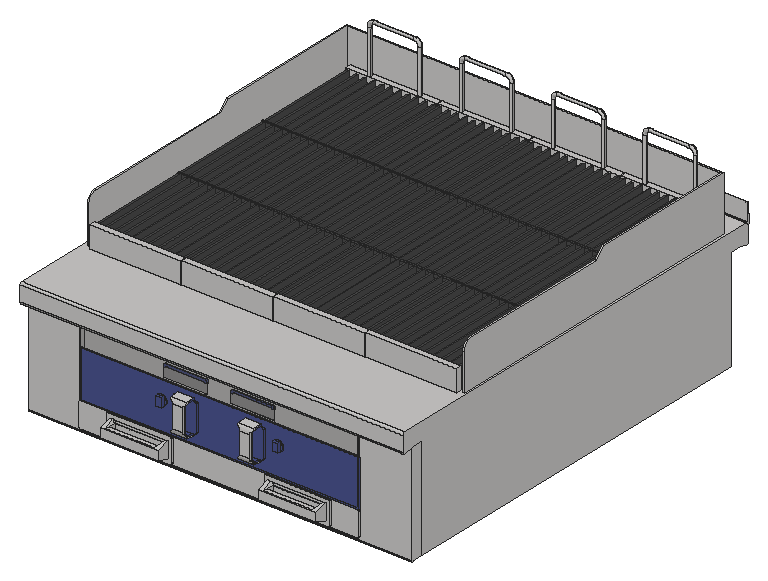
Revit family "QF_ELECTROLUXPROFESSIONAL_589281_MCDBABHOPO", category Specialty Equipment, Revit 2018
Family settings
  Round Connector Dimension = Use Diameter
  Part Type = Normal
  Work Plane-Based = No
  Always vertical = Yes
  Cut with Voids When Loaded = No
  Shared = No
  Room Calculation Point = No
Parameters
  Weight in Pounds = 253.5
  Watts = 0 W
  URL Cutsheet = ""
  Type Mark [instance] = ""
  Specification by User [instance] = ""
  Specification by Manufacturer = ""
  Show Clearance [instance] = yes
  Serial Number = ""
  Seismic Rating = ""
  SMACNA No = ""
  Revision Code [instance] = ""
  Omniclass Number and Title = ""
  NAFEM Spec ID Number = ""
  Model = "589281"
  Mechanical Remarks = ""
  Mechanical Connection Type = ""
  Masterspec = ""
  Manufacturer = "ELECTROLUX"
  Item Number [instance] = ""
  Installed By [instance] = ""
  Identify Quantity as Lot [instance] = yes
  HP = "0 HP"
  Gas Size = 3/4"
  Gas RI Height [instance] = 0 mm
  Gas KW = 21
  Gas Input [instance] = 71589.0 Btu/h
  Gas Connection Height = 0 mm
  Furnished By [instance] = ""
  Foodservice Equipment Identifier [instance] = yes
  Direct Waste Size = 0"
  Description = "GAS CHARGRILL,1SIDE,BACKSPL,800X900X250H"
  CSI MasterFormat = ""
  CSI Master Format = ""
Reference planes
  plane 1 "BACK": y = 0
  plane 2: z = 0
  plane 3 "LEFT": x = 0
  plane 4 "RIGHT": x = 800
  plane 5 "FRONT": y = -900
  plane 6 "TOP": z = 250
  plane 7: x = 400
  plane 8: y = -450
  plane 9: y = -1330
Forms (mm)
  Extrusion 1, solid, material "QF_Finishes_Stainless Steel"
    sketch origin (0, -487.128, 0) x (0, 1, 0) y (0, 0, 1)
      loop
        line (483.128, 250) -> (-408.872, 250)
        arc (-408.872, 250) -> (-411.7, 248.828) -> (-412.872, 246) r 4
        line (-412.872, 246) -> (-412.872, 214)
        arc (-412.872, 214) -> (-411.443, 210.936) -> (-408.177, 210.061) r 4
        line (-408.177, 210.061) -> (-391.509, 213) -> (-366.872, 213) -> (-366.872, 0) -> (441.128, 0) -> (441.128, 213) -> (465.765, 213) -> (482.433, 210.061)
        arc (482.433, 210.061) -> (485.699, 210.936) -> (487.128, 214) r 4
        line (487.128, 214) -> (487.128, 246)
        arc (487.128, 246) -> (485.956, 248.828) -> (483.128, 250) r 4
    from 0 to 800
  Extrusion 2, solid, material "QF_Finishes_Stainless Steel"
    sketch origin (0, -854, 0) x (1, 0, 0) y (0, -1, 0)
      loop
        circle (760, -264) r 6.35
    from 0 to 3.2
  Extrusion 3, solid, material "QF_Clearances", visible <- "Show Clearance", detail levels coarse
    sketch origin (-178.969, -4572, 0) x (-1, 0, 0) y (0, -1, 0)
      loop
        line (-26.969, -3672) -> (-178.969, -3672) -> (-178.969, -4572) -> (-978.969, -4572) -> (-978.969, -3672) -> (-1130.969, -3672) -> (-1130.969, -4775) -> (-26.969, -4775) -> (-26.969, -3672)
    from 0 to 250
  Extrusion 4, solid, material "QF_Finishes_Stainless Steel"
    sketch origin (0, -950.048, 294.179) x (0, -1, 0) y (0, 0, -1)
      loop
        arc (-948.097, 42.179) -> (-947.511, 43.594) -> (-946.097, 44.179) r 2
        arc (-946.097, 44.179) -> (-948.877, 45.357) -> (-950.048, 48.185) r 4
        line (-950.048, 48.185) -> (-950.048, 6.179) -> (-948.097, 6.179) -> (-948.097, 42.179)
    from 0 to 800
  Extrusion 5, solid, material "QF_Door-Drawer Clearances", visible <- "Show Clearance", detail levels coarse
    sketch origin (437.31, -881.593, 8.62) x (0, 0, 1) y (-1, 0, 0)
      loop
        line (1.973, -254.69) -> (49.317, -254.69)
        arc (49.317, -254.69) -> (50.776, -254.086) -> (51.38, -252.627) r 2.063
        line (51.38, -252.627) -> (51.38, 326.457)
        arc (51.38, 326.457) -> (50.88, 328.154) -> (49.541, 329.31) r 3.133
        line (49.541, 329.31) -> (3.067, 329.31)
        arc (3.067, 329.31) -> (0.898, 328.412) -> (0, 326.243) r 3.067
        line (0, 326.243) -> (0, -252.717)
        arc (0, -252.717) -> (0.578, -254.112) -> (1.973, -254.69) r 1.973
    from 0 to 448.407
Lines and regions (mm)
  symbolic lines
    curve 1: line (0, 0, 0) -> (800, 0, 0)
    curve 2: line (0, -900, 0) -> (0, 0, 0)
    curve 3: line (800, -900, 0) -> (0, -900, 0)
    curve 4: line (800, 0, 0) -> (800, -900, 0)
  symbolic lines, style "QF_Clearances", visible <- "Show Clearance", detail levels coarse
    curve 5: line (-152, 203, 0) -> (-152, -900, 0)
    curve 6: line (952, 203, 0) -> (-152, 203, 0)
    curve 7: line (952, -900, 0) -> (952, 203, 0)
  symbolic lines, style "SpecialityEquipment"
    curve 8: line (0, -1.951, 0) -> (800, -1.951, 0)
  symbolic lines, style "QF_Door-Drawer Clearances"
    curve 9: line (108, -900, 0) -> (108, -1330, 0)
    curve 10: line (108, -1330, 0) -> (692, -1330, 0)
    curve 11: line (692, -1330, 0) -> (692, -900, 0)
Dimensions and locks
  plane 3 "LEFT" to plane 4 "RIGHT" = 800 mm
  plane 5 "FRONT" to plane 1 "BACK" = 900 mm
  equal spacing: plane 3 "LEFT", plane 7, plane 4 "RIGHT"
  equal spacing: plane 5 "FRONT", plane 8, plane 1 "BACK"
  plane 6 "TOP" to level = 250 mm  (x2)
  plane 1 "BACK" to plane 5 "FRONT" = 900 mm
  Extrusion 2 sketch curve to plane 1 "BACK" = 590 mm
  Extrusion 2 sketch curve to plane 4 "RIGHT" = 40 mm
  Extrusion 3 to plane 3 "LEFT" = 152 mm
  locked: plane 4 "RIGHT" to Extrusion 3 at 152
  plane 1 "BACK" to Extrusion 3 = 203 mm
  plane 5 "FRONT" to plane 9 = 430 mm
  aligned and locked: level to plane 2
  aligned and locked: plane 6 "TOP" to Extrusion 3
  aligned and locked: Extrusion 1 to plane 4 "RIGHT"
  aligned and locked: plane 7 to nested 1
Automatic sketch dimensions
  Extrusion 1 sketch curve to plane 5 "FRONT" = 0 mm
  Extrusion 1 sketch curve to plane 6 "TOP" = 0 mm
  Extrusion 1 sketch curve to level = 0 mm
  Extrusion 1 sketch curve to plane 1 "BACK" = 0 mm
  Extrusion 1 sketch curve to plane 6 "TOP" = 37 mm  (x2)
  Extrusion 1 sketch curve to plane 5 "FRONT" = 4 mm
  Extrusion 1 sketch curve to plane 5 "FRONT" = 21.363 mm
  Extrusion 1 sketch curve to Extrusion 1 sketch curve = 24.637 mm
  plane 1 "BACK" to Extrusion 1 sketch curve = 46 mm
  plane 1 "BACK" to Extrusion 1 sketch curve = 21.363 mm
  plane 1 "BACK" to Extrusion 1 sketch curve = 4 mm  (x2)
  Extrusion 1 sketch curve to Extrusion 1 sketch curve = 4 mm
  Extrusion 1 sketch curve to Extrusion 1 sketch curve = 0.695 mm
  Extrusion 1 sketch curve to Extrusion 1 sketch curve = 0 mm  (x4)
  plane 1 "BACK" to Extrusion 1 sketch curve = 4.695 mm
  Extrusion 1 sketch curve to Extrusion 1 sketch curve = 1 mm  (x2)
  plane 5 "FRONT" to Extrusion 3 sketch curve = 0 mm  (x2)
  plane 1 "BACK" to Extrusion 3 sketch curve = 0 mm
  Extrusion 3 sketch curve to plane 4 "RIGHT" = 0 mm
  Extrusion 3 sketch curve to plane 3 "LEFT" = 0 mm
  Extrusion 3 sketch curve to plane 1 "BACK" = 203 mm
  Extrusion 3 sketch curve to plane 4 "RIGHT" = 152 mm
  Extrusion 3 sketch curve to plane 3 "LEFT" = 152 mm
  curve 4 to plane 4 "RIGHT" = 0 mm
  plane 1 "BACK" to curve 1 = 0 mm
  curve 1 to plane 3 "LEFT" = 0 mm
  plane 5 "FRONT" to curve 4 = 0 mm
  plane 5 "FRONT" to curve 7 = 0 mm
  plane 5 "FRONT" to curve 5 = 0 mm
  curve 6 to plane 4 "RIGHT" = 152 mm
  curve 5 to plane 3 "LEFT" = 152 mm
  curve 7 to plane 1 "BACK" = 203 mm
  plane 1 "BACK" to curve 8 = 1.951 mm
  Extrusion 4 sketch curve to plane 1 "BACK" = 0 mm  (x2)
  Extrusion 4 sketch curve to plane 6 "TOP" = 2 mm
  Extrusion 4 sketch curve to plane 6 "TOP" = 0 mm
  Extrusion 4 sketch curve to Extrusion 4 sketch curve = 1.951 mm
  plane 6 "TOP" to Extrusion 4 sketch curve = 0.006 mm
  Extrusion 4 sketch curve to Extrusion 4 sketch curve = 0.049 mm
  Extrusion 4 sketch curve to Extrusion 4 sketch curve = 36 mm
  Extrusion 4 sketch curve to Extrusion 4 sketch curve = 0 mm
  plane 5 "FRONT" to curve 9 = 0 mm
  plane 5 "FRONT" to curve 11 = 0 mm
  plane 3 "LEFT" to curve 9 = 108 mm
  plane 4 "RIGHT" to curve 11 = 108 mm
  curve 11 to curve 11 = 430 mm
  level to Extrusion 5 sketch curve = 8.62 mm
  level to Extrusion 5 sketch curve = 57.937 mm
  plane 4 "RIGHT" to Extrusion 5 sketch curve = 108 mm
  Extrusion 5 sketch curve to Extrusion 5 sketch curve = 1.973 mm
  Extrusion 5 sketch curve to Extrusion 5 sketch curve = 3.067 mm
  Extrusion 5 sketch curve to Extrusion 5 sketch curve = 46.474 mm
  Extrusion 5 sketch curve to Extrusion 5 sketch curve = 2.063 mm
  Extrusion 5 sketch curve to Extrusion 5 sketch curve = 1.293 mm
  plane 3 "LEFT" to Extrusion 5 sketch curve = 111.067 mm
  radius of Extrusion 2 sketch curve = 6.35 mm
Nested families
  nested 1: "FMGC_900_800 Front Panel two knobs" at (-200.158, -854, -650), type "FMGC_900_800 Front Panel two knobs"
    with Width 800 mm
  nested 2: "FMGC_900_CharGrill" at (138.888, -5, 0), type "FMGC_900_CharGrill"
    with Width 800 mm, No. of Rails 4, Grill Width 190 mm
Connectors
  piping at (760, -590, -3.2), diameter 12.8
    settings: on Extrusion 2, index 1, connector inside diameter 0.50394", connector length 0 mm, flow factor 0, pipe flow 0 GPM, pressure drop 0.00 psi, fitting loss kfactor 0, connector angle 0.00°, fixture units 0, engagement length 0 mm, angle of deflection 0.00°, flow configuration 1, flow direction 1, fitting loss method 0, system type 7, joint type 0, gender type 0, connector reference index -1, connector utility 0, adjustable connector no, is connector primary yes, connector description "GAS CONNECTION"
Definition of nested family "FMGC_900_800 Front Panel two knobs"
  Parameters
    Width [instance] = 800 mm
    Keynote = ""
  Reference planes
    plane 1 "Center (Front/Back)": y = 0
    plane 2: z = 0
    plane 3 "Center (Left/Right)": x = 200.158
    plane 4: x = 600.158
    plane 5: x = 530.079
    plane 6: x = 670.237
    plane 7: x = 1000.158
  Forms (mm)
    Extrusion 1, void
      sketch origin (1213.217, 829.203, -1.25) x (1, 0, 0) y (0, 0, 1)
        loop
          line (-321.059, 853.25) -> (-905.059, 853.25) -> (-905.059, 711.25) -> (-321.059, 711.25) -> (-321.059, 853.25)
      from 843.409 to 854.203
    Extrusion 2, solid
      sketch origin (1133.217, 829.203, -1.25) x (0, 1, 0) y (0, 0, 1)
        loop
          arc (-854.203, 654.25) -> (-853.324, 652.129) -> (-851.203, 651.25) r 3
          line (-851.203, 651.25) -> (-829.203, 651.25) -> (-829.203, 864.25) -> (-854.203, 864.25) -> (-854.203, 654.25)
      from -933.059 to -133.059
    Extrusion 3, solid
      sketch origin (520.816, -23.053, 847.184) x (0, 0, -1) y (1, 0, 0)
        loop
          circle (77.168, 200.901) r 11
      from 0 to 3.2
    Extrusion 4, solid
      sketch origin (520.816, -26.253, 847.184) x (0, 0, -1) y (1, 0, 0)
        loop
          line (67.962, 195.586) -> (86.297, 195.586) -> (86.297, 206.217) -> (67.962, 206.217) -> (67.962, 195.586)
      from 0 to 6.4
    Extrusion 5, solid
      sketch origin (679.5, -23.053, 847.184) x (0, 0, -1) y (1, 0, 0)
        loop
          circle (77.168, -200.901) r 11
      from 0 to 3.2
    Extrusion 6, solid
      sketch origin (679.5, -26.253, 847.184) x (0, 0, -1) y (1, 0, 0)
        loop
          line (67.962, -195.586) -> (67.962, -206.217) -> (86.297, -206.217) -> (86.297, -195.586) -> (67.962, -195.586)
      from 0 to 6.4
  Cuts and joins
    Extrusion 1 cuts Extrusion 2
  Lines and regions (mm)
    symbolic lines
      curve 1: line (384.141, -54.767, 0) -> (382.563, -46, 0)
      curve 2: line (384.141, -54.767, 0) -> (486.575, -54.767, 0)
      curve 3: line (486.575, -54.767, 0) -> (488.153, -46, 0)
      curve 4: line (713.74, -54.767, 0) -> (712.163, -46, 0)
      curve 5: line (816.175, -54.767, 0) -> (713.74, -54.767, 0)
      curve 6: line (816.175, -54.767, 0) -> (817.752, -46, 0)
      curve 7: line (514.26, -46, 0) -> (519.866, -47.583, 0)
      curve 8: line (519.866, -47.583, 0) -> (540.795, -47.583, 0)
      curve 9: line (540.795, -47.583, 0) -> (545.973, -46, 0)
      curve 10: line (686.055, -46, 0) -> (680.449, -47.583, 0)
      curve 11: line (680.449, -47.583, 0) -> (659.521, -47.583, 0)
      curve 12: line (659.521, -47.583, 0) -> (654.343, -46, 0)
  Dimensions and locks
    equal spacing: plane 7, plane 4, plane 3 "Center (Left/Right)"
    "Width": plane 7 to plane 3 "Center (Left/Right)"
    equal spacing: plane 6, plane 4, plane 5
    Extrusion 1 sketch curve to plane 4 to Extrusion 1 sketch curve = 292 mm locked, 292 mm locked
    aligned and locked: Extrusion 1 to nested 3
    aligned and locked: plane 6 to nested 2
    aligned and locked: cut or joined group of Extrusion 1, Extrusion 2 to plane 7
    aligned and locked: cut or joined group of Extrusion 1, Extrusion 2 to plane 3 "Center (Left/Right)"
  Automatic sketch dimensions
    Extrusion 4 sketch curve to Extrusion 4 sketch curve = 18.335 mm
    Extrusion 4 sketch curve to Extrusion 4 sketch curve = 10.631 mm
    Extrusion 6 sketch curve to Extrusion 6 sketch curve = 18.335 mm
    Extrusion 6 sketch curve to Extrusion 6 sketch curve = 10.631 mm
    plane 1 "Center (Front/Back)" to curve 2 = 54.767 mm
    curve 2 to plane 5 = 145.938 mm
    plane 1 "Center (Front/Back)" to curve 5 = 54.767 mm
    curve 2 to plane 5 = 43.504 mm
    curve 8 to plane 5 = 10.213 mm
    plane 5 to curve 8 = 10.716 mm
    curve 11 to plane 6 = 10.716 mm
    plane 6 to curve 10 = 10.213 mm
    curve 10 to curve 4 = 33.291 mm
    curve 4 to curve 5 = 102.435 mm
    plane 1 "Center (Front/Back)" to curve 1 = 46 mm
    curve 1 to curve 1 = 1.578 mm
    curve 2 to curve 3 = 1.578 mm
    curve 7 to curve 7 = 5.606 mm
    curve 8 to curve 9 = 5.178 mm
    curve 12 to curve 11 = 5.178 mm
    curve 10 to curve 10 = 5.606 mm
    curve 4 to curve 4 = 1.578 mm
    plane 1 "Center (Front/Back)" to curve 6 = 46 mm
    curve 5 to curve 6 = 1.578 mm
    plane 1 "Center (Front/Back)" to curve 12 = 47.583 mm
    plane 1 "Center (Front/Back)" to curve 9 = 47.583 mm
    curve 7 to curve 7 = 1.583 mm
    curve 8 to curve 9 = 1.583 mm
    curve 2 to curve 3 = 8.767 mm
    curve 10 to curve 10 = 1.583 mm
    curve 4 to curve 4 = 8.767 mm
    curve 11 to curve 12 = 1.583 mm
    level to Extrusion 1 sketch curve = 710 mm
    Extrusion 1 sketch curve to Extrusion 1 sketch curve = 142 mm
    Extrusion 2 sketch curve to plane 1 "Center (Front/Back)" = 0 mm
    level to Extrusion 2 sketch curve = 650 mm
    Extrusion 2 sketch curve to Extrusion 2 sketch curve = 22 mm
    Extrusion 2 sketch curve to Extrusion 2 sketch curve = 3 mm
    Extrusion 2 sketch curve to Extrusion 2 sketch curve = 210 mm
    plane 6 to Extrusion 3 sketch curve = 51.48 mm
    level to Extrusion 3 sketch curve = 770.016 mm
    Extrusion 5 sketch curve to plane 5 = 51.48 mm
    level to Extrusion 5 sketch curve = 770.016 mm
    radius of Extrusion 3 sketch curve = 11 mm
    radius of Extrusion 5 sketch curve = 11 mm
  Nested families
    nested 1: "FMGC_Sml  Range Control Handle" at (530.079, -26.645, -204.867), type "FMGC_Sml  Range Control Handle"
    nested 2: "FMGC_Sml  Range Control Handle" at (670.237, -26.645, -204.867), type "FMGC_Sml  Range Control Handle"
    nested 3: "800 Glass Control Pannel with two reads" at (308.158, -26.645, 5.811), type "800 Glass Control Pannel with two reads"
    nested 4: "FMGC_grease trap door" at (892.158, -25, 0.608) x (-1, 0, 0) z (0, 0, 1), type "FMGC_grease trap door"
  Definition of nested family "FMGC_Sml  Range Control Handle"
    Reference planes
      plane 1 "Center (Front/Back)": y = 0
      plane 2: z = 0
      plane 3 "Center (Left/Right)": x = 0
      plane 4: z = 971.092
    Forms (mm)
      Extrusion 1, solid
        sketch origin (-746.28, 380.497, 208.931) x (-1, 0, 0) y (0, 0, 1)
          loop
            line (-770.101, 786.798) -> (-770.101, 731.649)
            arc (-770.101, 731.649) -> (-769.759, 730.563) -> (-768.855, 729.87) r 1.893
            line (-768.855, 729.87) -> (-763.474, 727.911) -> (-729.81, 727.911) -> (-724.428, 729.87)
            arc (-724.428, 729.87) -> (-723.525, 730.563) -> (-723.183, 731.649) r 1.893
            line (-723.183, 731.649) -> (-723.183, 786.798)
            arc (-723.183, 786.798) -> (-723.529, 787.894) -> (-724.44, 788.593) r 1.91
            line (-724.44, 788.593) -> (-729.683, 790.819) -> (-763.601, 790.819) -> (-768.844, 788.593)
            arc (-768.844, 788.593) -> (-769.755, 787.894) -> (-770.101, 786.798) r 1.91
        from -382.35 to -378.852
      Sweep 2, solid
        path origin (-746.788, 380.496, 208.091) x (0, -1, 0) y (0, 0, 1)
          loop
            line (379.775, 793.281) -> (395.661, 791.048)
            arc (395.661, 791.048) -> (397.781, 787.377) -> (398.517, 783.202) r 12.207
            line (398.517, 783.202) -> (398.517, 737.368)
            arc (398.517, 737.368) -> (397.781, 733.193) -> (395.661, 729.522) r 12.207
            line (395.661, 729.522) -> (379.775, 727.289)
        profile origin (-746.788, -7.222, 1000.256) x (0, -0.139173, 0.990268) y (-1, 0, 0)
          loop
            line (0.782, -763.123) -> (0.782, -730.907) -> (-1.322, -730.907) -> (-1.322, -763.123) -> (0.782, -763.123)
      Sweep 3, solid
        path origin (-746.788, 380.715, 207.832) x (0, -1, 0) y (0, 0, 1)
          loop
            line (380.478, 795.442) -> (397.218, 793.09)
            arc (397.218, 793.09) -> (399.929, 788.473) -> (400.871, 783.202) r 15.207
            line (400.871, 783.202) -> (400.871, 737.584)
            arc (400.871, 737.584) -> (399.914, 732.274) -> (397.164, 727.633) r 15.207
            line (397.164, 727.633) -> (380.601, 725.305)
        profile origin (-746.788, -8.132, 1002.099) x (0, -0.139173, 0.990268) y (-1, 0, 0)
          loop
            line (0.782, -763.123) -> (0.782, -730.907) -> (-1.322, -730.907) -> (-1.322, -763.123) -> (0.782, -763.123)
      Extrusion 4, void
        sketch origin (889.253, 220.666, 207.993) x (1, 0, 0) y (0, 0, 1)
          loop
            line (-943.038, 816.854) -> (-943.038, 703.686) -> (-899.466, 734.196) -> (-899.466, 786.344) -> (-943.038, 816.854)
        from 230.636 to 242.25
      Extrusion 5, void
        sketch origin (-888.8, 220.666, 207.993) x (-1, 0, 0) y (0, 0, -1)
          loop
            line (-943.038, -816.854) -> (-899.466, -786.344) -> (-899.466, -734.196) -> (-943.038, -703.686) -> (-943.038, -816.854)
        from 230.636 to 242.25
      Extrusion 6, solid
        sketch origin (0, 0, 0) x (1, 0, 0) y (0, 0, 1)
          loop
            circle (0, 971.092) r 7.736
        from -3.137 to -1.645
    Cuts and joins
      Extrusion 4, Extrusion 5 cuts Sweep 3
      Extrusion 4, Extrusion 5 cuts Sweep 2
      joined: Extrusion 1, Extrusion 6
    Lines and regions (mm)
      symbolic lines
        curve 1: line (23.821, 1.645, 0) -> (-23.097, 1.645, 0)
        curve 2: line (16.334, -1.853, 0) -> (23.821, -1.853, 0)
        curve 3: line (-15.881, -19.189, 0) -> (-15.881, -1.853, 0)
        curve 4: line (-23.097, -1.853, 0) -> (-15.881, -1.853, 0)
        curve 5: line (16.334, -19.189, 0) -> (16.334, -1.853, 0)
        curve 6: spline (-15.881, -19.189, 0) -> (-15.417, -19.349, 0) -> (-14.951, -19.501, 0) -> (-14.483, -19.646, 0) -> (-14.014, -19.783, 0) -> (-13.543, -19.912, 0) -> (-13.071, -20.033, 0) -> (-12.597, -20.146, 0) -> (-12.122, -20.251, 0) -> (-11.646, -20.349, 0) -> (-11.169, -20.438, 0) -> (-10.691, -20.52, 0) -> (-10.213, -20.593, 0)
        curve 7: spline (10.666, -20.593, 0) -> (11.144, -20.52, 0) -> (11.622, -20.438, 0) -> (12.099, -20.349, 0) -> (12.575, -20.251, 0) -> (13.05, -20.146, 0) -> (13.524, -20.033, 0) -> (13.996, -19.912, 0) -> (14.467, -19.783, 0) -> (14.936, -19.646, 0) -> (15.404, -19.501, 0) -> (15.87, -19.349, 0) -> (16.334, -19.189, 0)
        curve 8: line (-10.213, -20.938, 0) -> (10.716, -20.938, 0)
        curve 9: line (-23.097, 1.645, 0) -> (-23.097, -1.853, 0)
        curve 10: line (23.821, 1.645, 0) -> (23.821, -1.853, 0)
    Dimensions and locks
      cut or joined group of Sweep 3, Extrusion 4, Extrusion 5 to cut or joined group of Sweep 3, Extrusion 4, Extrusion 5 = 71.686 mm
  Definition of nested family "800 Glass Control Pannel with two reads"
    Reference planes
      plane 1 "Center (Front/Back)": y = 0
      plane 2: z = 0
      plane 3 "Center (Left/Right)": x = 0
      plane 4: x = 584
      plane 5: x = 581.091
      plane 6 "Top": z = 846.189
      plane 7 "Center": x = 292
      plane 8: x = 362
      plane 9: x = 222
    Forms (mm)
      Extrusion 1, solid
        sketch origin (550.286, 304.8, -4.308) x (1, 0, 0) y (0, 0, 1)
          loop
            line (-550.286, 806.791) -> (-550.286, 708.497) -> (33.714, 708.497) -> (33.714, 806.791) -> (-550.286, 806.791)
        from 300.031 to 304.8
      Extrusion 2, solid
        sketch origin (550.286, 304.8, -4.308) x (1, 0, 0) y (0, 0, 1)
          loop
            line (-550.286, 850.497) -> (-550.286, 806.791) -> (33.714, 806.791) -> (33.714, 850.497) -> (-550.286, 850.497)
        from 300.031 to 304.8
      Extrusion 3, void
        sketch origin (550.286, 304.8, -4.308) x (1, 0, 0) y (0, 0, 1)
          loop
            line (-547.628, 847.565) -> (-547.628, 710.699) -> (30.804, 710.699) -> (30.804, 847.565) -> (-547.628, 847.565)
        from 303.697 to 304.8
      Extrusion 4, solid, not visible
        sketch origin (493.319, 305.901, -4.308) x (1, 0, 0) y (0, 0, 1)
          loop
            line (-96.074, 812.62) -> (-96.074, 834.177) -> (-100.807, 834.177) -> (-102.607, 835.977) -> (-181.357, 835.977) -> (-183.157, 834.177) -> (-188.074, 834.177) -> (-188.074, 812.62) -> (-96.074, 812.62)
        from 304.798 to 306.745
      Extrusion 5, solid, not visible
        sketch origin (493.319, 305.901, -4.308) x (1, 0, 0) y (0, 0, 1)
          loop
            line (-183.059, 834.177) -> (-181.26, 835.977) -> (-102.627, 835.977) -> (-100.827, 834.177) -> (-96.116, 834.177)
            arc (-96.116, 834.177) -> (-97.293, 838.752) -> (-101.568, 840.763) r 5.549
            line (-101.568, 840.763) -> (-182.476, 840.763)
            arc (-182.476, 840.763) -> (-186.732, 838.747) -> (-187.868, 834.177) r 5.5
            line (-187.868, 834.177) -> (-183.059, 834.177)
        from 304.798 to 306.745
      Extrusion 6, solid
        sketch origin (425.389, 305.901, -4.308) x (1, 0, 0) y (0, 0, 1)
          loop
            line (-17.411, 812.62) -> (-17.411, 834.177) -> (-22.144, 834.177) -> (-23.944, 835.977) -> (-102.694, 835.977) -> (-104.494, 834.177) -> (-109.411, 834.177) -> (-109.411, 812.62) -> (-17.411, 812.62)
        from 304.798 to 306.745
      Extrusion 7, solid
        sketch origin (425.389, 305.901, -4.308) x (1, 0, 0) y (0, 0, 1)
          loop
            line (-104.396, 834.177) -> (-102.597, 835.977) -> (-23.964, 835.977) -> (-22.164, 834.177) -> (-17.453, 834.177)
            arc (-17.453, 834.177) -> (-18.63, 838.752) -> (-22.905, 840.763) r 5.549
            line (-22.905, 840.763) -> (-103.813, 840.763)
            arc (-103.813, 840.763) -> (-108.069, 838.747) -> (-109.205, 834.177) r 5.5
            line (-109.205, 834.177) -> (-104.396, 834.177)
        from 304.798 to 306.745
      Extrusion 8, solid
        sketch origin (561.21, 305.901, -4.308) x (1, 0, 0) y (0, 0, 1)
          loop
            line (-385.188, 812.62) -> (-293.188, 812.62) -> (-293.188, 834.177) -> (-298.105, 834.177) -> (-299.905, 835.977) -> (-378.655, 835.977) -> (-380.455, 834.177) -> (-385.188, 834.177) -> (-385.188, 812.62)
        from 304.798 to 306.745
      Extrusion 9, solid
        sketch origin (561.21, 305.901, -4.308) x (1, 0, 0) y (0, 0, 1)
          loop
            line (-298.203, 834.177) -> (-293.394, 834.177)
            arc (-293.394, 834.177) -> (-294.53, 838.747) -> (-298.786, 840.763) r 5.5
            line (-298.786, 840.763) -> (-379.695, 840.763)
            arc (-379.695, 840.763) -> (-383.97, 838.752) -> (-385.146, 834.177) r 5.549
            line (-385.146, 834.177) -> (-380.435, 834.177) -> (-378.636, 835.977) -> (-300.003, 835.977) -> (-298.203, 834.177)
        from 304.798 to 306.745
    Cuts and joins
      Extrusion 3 cuts Extrusion 1
      Extrusion 3 cuts Extrusion 2
    Lines and regions (mm)
      symbolic lines
        curve 1: line (0, 4.769, 0) -> (584, 4.769, 0)
    Dimensions and locks
      plane 7 "Center" to plane 9 = 70 mm
      plane 8 to plane 7 "Center" = 70 mm
      aligned and locked: Extrusion 1 to Extrusion 2
      aligned and locked: Extrusion 6 to Extrusion 7
      aligned and locked: Extrusion 8 to Extrusion 9
  Definition of nested family "FMGC_grease trap door"
    Reference planes
      plane 1 "Center (Front/Back)": y = 0
      plane 2: z = 0
      plane 3 "Center (Left/Right)": x = 0
      plane 4: x = 584
      plane 5: x = 292
    Forms (mm)
      Extrusion 1, solid
        sketch origin (1686.556, 854.203, -1.25) x (1, 0, 0) y (0, 0, 1)
          loop
            arc (-1627.55, 661.235) -> (-1626.972, 659.84) -> (-1625.577, 659.262) r 1.973
            line (-1625.577, 659.262) -> (-1494.325, 659.262)
            arc (-1494.325, 659.262) -> (-1492.156, 660.16) -> (-1491.258, 662.329) r 3.067
            line (-1491.258, 662.329) -> (-1491.258, 708.803)
            arc (-1491.258, 708.803) -> (-1492.414, 710.143) -> (-1494.111, 710.642) r 3.133
            line (-1494.111, 710.642) -> (-1625.486, 710.642)
            arc (-1625.486, 710.642) -> (-1626.945, 710.038) -> (-1627.55, 708.579) r 2.063
            line (-1627.55, 708.579) -> (-1627.55, 661.235)
        from 856.795 to 859.203
      Extrusion 2, solid
        sketch origin (504.88, 2476.61, 0) x (0, 1, 0) y (0, 0, 1)
          loop
            line (-2506.377, 675.273) -> (-2481.61, 667.505) -> (-2481.61, 700.995) -> (-2506.377, 693.227) -> (-2506.377, 675.273)
        from -437.68 to -317.68
      Extrusion 3, void
        sketch origin (1686.556, 854.203, -1.25) x (1, 0, 0) y (0, 0, 1)
          loop
            line (-1614.883, 703) -> (-1610.542, 695.433) -> (-1508.17, 695.433) -> (-1503.828, 703) -> (-1614.883, 703)
          loop
            line (-1614.883, 668) -> (-1502.669, 668) -> (-1507.01, 675.567) -> (-1610.542, 675.567) -> (-1614.883, 668)
        from 832.916 to 883.97
      Extrusion 4, void
        sketch origin (506.556, 854.203, -1.25) x (1, 0, 0) y (0, 0, 1)
          loop
            line (-430.542, 695.433) -> (-430.542, 675.567) -> (-328.17, 675.567) -> (-328.17, 695.433) -> (-430.542, 695.433)
        from 859.203 to 874.202
      Extrusion 5, solid
        sketch origin (1731.556, 854.203, -1.25) x (1, 0, 0) y (0, 0, 1)
          loop
            arc (-1731.556, 661.235) -> (-1730.978, 659.84) -> (-1729.583, 659.262) r 1.973
            line (-1729.583, 659.262) -> (-1150.623, 659.262)
            arc (-1150.623, 659.262) -> (-1148.454, 660.16) -> (-1147.556, 662.329) r 3.067
            line (-1147.556, 662.329) -> (-1147.556, 708.803)
            arc (-1147.556, 708.803) -> (-1148.712, 710.143) -> (-1150.409, 710.642) r 3.133
            line (-1150.409, 710.642) -> (-1729.493, 710.642)
            arc (-1729.493, 710.642) -> (-1730.952, 710.038) -> (-1731.556, 708.579) r 2.063
            line (-1731.556, 708.579) -> (-1731.556, 661.235)
        from 854.203 to 856.795
      Extrusion 6, solid
        sketch origin (-1102.556, 854.203, -1.25) x (-1, 0, 0) y (0, 0, -1)
          loop
            line (-1627.55, -661.235) -> (-1627.55, -708.579)
            arc (-1627.55, -708.579) -> (-1626.945, -710.038) -> (-1625.486, -710.642) r 2.063
            line (-1625.486, -710.642) -> (-1494.111, -710.642)
            arc (-1494.111, -710.642) -> (-1492.414, -710.143) -> (-1491.258, -708.803) r 3.133
            line (-1491.258, -708.803) -> (-1491.258, -662.329)
            arc (-1491.258, -662.329) -> (-1492.156, -660.16) -> (-1494.325, -659.262) r 3.067
            line (-1494.325, -659.262) -> (-1625.577, -659.262)
            arc (-1625.577, -659.262) -> (-1626.972, -659.84) -> (-1627.55, -661.235) r 1.973
        from 856.795 to 859.203
      Extrusion 7, solid
        sketch origin (79.12, 2476.61, 0) x (0, 1, 0) y (0, 0, -1)
          loop
            line (-2506.377, -675.273) -> (-2506.377, -693.227) -> (-2481.61, -700.995) -> (-2481.61, -667.505) -> (-2506.377, -675.273)
        from -437.68 to -317.68
      Extrusion 8, void
        sketch origin (-1102.556, 854.203, -1.25) x (-1, 0, 0) y (0, 0, -1)
          loop
            line (-1614.883, -703) -> (-1503.828, -703) -> (-1508.17, -695.433) -> (-1610.542, -695.433) -> (-1614.883, -703)
          loop
            line (-1614.883, -668) -> (-1610.542, -675.567) -> (-1507.01, -675.567) -> (-1502.669, -668) -> (-1614.883, -668)
        from 832.916 to 883.97
      Extrusion 9, void
        sketch origin (77.444, 854.203, -1.25) x (-1, 0, 0) y (0, 0, -1)
          loop
            line (-430.542, -695.433) -> (-328.17, -695.433) -> (-328.17, -675.567) -> (-430.542, -675.567) -> (-430.542, -695.433)
        from 859.203 to 874.202
    Cuts and joins
      Extrusion 3, Extrusion 8, Extrusion 9 cuts Extrusion 1
      Extrusion 3, Extrusion 4, Extrusion 8, Extrusion 9 cuts Extrusion 2
      joined: Extrusion 1, Extrusion 2
      Extrusion 8 cuts Extrusion 6
      Extrusion 8, Extrusion 9 cuts Extrusion 7
    Lines and regions (mm)
      symbolic lines
        curve 1: line (0, -2.593, 0) -> (136.292, -2.593, 0)
        curve 2: line (75.983, -29.767, 0) -> (71.093, -2.593, 0)
        curve 3: line (75.983, -29.767, 0) -> (178.418, -29.767, 0)
        curve 4: line (178.418, -29.767, 0) -> (183.308, -2.593, 0)
        curve 5: line (68.146, -2.593, 0) -> (68.146, -29.767, 0)
        curve 8: line (508.017, -29.767, 0) -> (512.907, -2.593, 0)
        curve 9: line (508.017, -29.767, 0) -> (405.582, -29.767, 0)
        curve 10: line (405.582, -29.767, 0) -> (400.692, -2.593, 0)
      model lines
        curve 6: line (126.605, 0, 658.012) -> (126.605, 0, 709.392)
        curve 7: line (457.395, 0, 658.012) -> (457.395, 0, 709.392)
    Dimensions and locks
      plane 4 to plane 3 "Center (Left/Right)" = 584 mm
      equal spacing: plane 4, plane 5, plane 3 "Center (Left/Right)"
      aligned and locked: Extrusion 2 to Extrusion 1
      aligned and locked: Extrusion 3 to Extrusion 2
      aligned and locked: Extrusion 4 to Extrusion 1
      aligned and locked: Extrusion 6 to Extrusion 7
      aligned and locked: Extrusion 7 to Extrusion 8
      aligned and locked: Extrusion 6 to Extrusion 9
    Automatic sketch dimensions
      plane 3 "Center (Left/Right)" to curve 6 = 126.605 mm
      curve 7 to plane 4 = 126.605 mm
      level to curve 7 = 658.012 mm
      curve 6 to curve 7 = 0 mm
      curve 7 to curve 7 = 51.38 mm
      curve 6 to curve 6 = 51.38 mm
      plane 3 "Center (Left/Right)" to Extrusion 1 sketch curve = 59.006 mm
      plane 3 "Center (Left/Right)" to Extrusion 1 sketch curve = 60.979 mm
      level to Extrusion 1 sketch curve = 658.012 mm
      Extrusion 1 sketch curve to Extrusion 1 sketch curve = 2.063 mm
      Extrusion 1 sketch curve to plane 5 = 99.769 mm
      Extrusion 1 sketch curve to Extrusion 1 sketch curve = 0.214 mm
      Extrusion 1 sketch curve to Extrusion 1 sketch curve = 3.067 mm
      Extrusion 1 sketch curve to Extrusion 1 sketch curve = 47.344 mm
      Extrusion 1 sketch curve to Extrusion 1 sketch curve = 1.839 mm
      plane 3 "Center (Left/Right)" to Extrusion 3 sketch curve = 71.673 mm  (x2)
      level to Extrusion 3 sketch curve = 666.75 mm
      Extrusion 3 sketch curve to Extrusion 3 sketch curve = 4.341 mm  (x4)
      Extrusion 3 sketch curve to Extrusion 3 sketch curve = 102.372 mm
      Extrusion 3 sketch curve to Extrusion 3 sketch curve = 1.16 mm
      Extrusion 3 sketch curve to Extrusion 3 sketch curve = 7.567 mm  (x2)
      Extrusion 3 sketch curve to Extrusion 3 sketch curve = 19.866 mm
      plane 3 "Center (Left/Right)" to Extrusion 4 sketch curve = 76.014 mm
      level to Extrusion 4 sketch curve = 674.317 mm
      Extrusion 4 sketch curve to Extrusion 4 sketch curve = 102.372 mm
      Extrusion 4 sketch curve to Extrusion 4 sketch curve = 19.866 mm
      Extrusion 5 sketch curve to plane 3 "Center (Left/Right)" = 0 mm
      Extrusion 5 sketch curve to plane 4 = 0 mm
      plane 3 "Center (Left/Right)" to Extrusion 5 sketch curve = 1.973 mm
      level to Extrusion 5 sketch curve = 658.012 mm
      plane 3 "Center (Left/Right)" to Extrusion 5 sketch curve = 2.063 mm
      Extrusion 5 sketch curve to plane 4 = 3.067 mm
      Extrusion 5 sketch curve to plane 4 = 2.853 mm
      Extrusion 5 sketch curve to Extrusion 5 sketch curve = 47.344 mm
      Extrusion 5 sketch curve to Extrusion 5 sketch curve = 1.839 mm
      Extrusion 6 sketch curve to plane 4 = 59.006 mm
      plane 5 to Extrusion 6 sketch curve = 99.555 mm
      level to Extrusion 6 sketch curve = 709.392 mm
      Extrusion 6 sketch curve to Extrusion 6 sketch curve = 1.973 mm
      Extrusion 6 sketch curve to Extrusion 6 sketch curve = 2.063 mm
      Extrusion 6 sketch curve to Extrusion 6 sketch curve = 0.214 mm
      Extrusion 6 sketch curve to Extrusion 6 sketch curve = 3.067 mm
      Extrusion 6 sketch curve to Extrusion 6 sketch curve = 1.839 mm
      Extrusion 6 sketch curve to Extrusion 6 sketch curve = 45.181 mm
      Extrusion 8 sketch curve to plane 4 = 71.673 mm
      level to Extrusion 8 sketch curve = 701.75 mm
      Extrusion 8 sketch curve to Extrusion 8 sketch curve = 0 mm
      Extrusion 8 sketch curve to Extrusion 8 sketch curve = 4.341 mm  (x4)
      Extrusion 8 sketch curve to Extrusion 8 sketch curve = 102.372 mm
      Extrusion 8 sketch curve to Extrusion 8 sketch curve = 1.16 mm
      Extrusion 8 sketch curve to Extrusion 8 sketch curve = 7.567 mm  (x2)
      Extrusion 8 sketch curve to Extrusion 8 sketch curve = 19.866 mm
      Extrusion 9 sketch curve to plane 4 = 76.014 mm
      plane 5 to Extrusion 9 sketch curve = 113.614 mm
      level to Extrusion 9 sketch curve = 694.183 mm
      Extrusion 9 sketch curve to Extrusion 9 sketch curve = 19.866 mm
      plane 1 "Center (Front/Back)" to curve 2 = 29.767 mm
      plane 3 "Center (Left/Right)" to curve 2 = 75.983 mm
      plane 1 "Center (Front/Back)" to curve 10 = 29.767 mm
      curve 1 to plane 3 "Center (Left/Right)" = 0 mm
      curve 2 to curve 4 = 102.435 mm
      plane 5 to curve 9 = 113.582 mm
      curve 8 to plane 4 = 75.983 mm
      curve 5 to curve 2 = 7.837 mm
      plane 1 "Center (Front/Back)" to curve 2 = 2.593 mm
      curve 5 to curve 2 = 2.947 mm
      curve 1 to curve 3 = 42.126 mm
      plane 1 "Center (Front/Back)" to curve 4 = 2.593 mm
      curve 3 to curve 4 = 4.89 mm
      plane 1 "Center (Front/Back)" to curve 10 = 2.593 mm
      curve 10 to curve 9 = 4.89 mm
      plane 1 "Center (Front/Back)" to curve 8 = 2.593 mm
      curve 9 to curve 8 = 4.89 mm
      curve 5 to curve 2 = 0 mm
      plane 1 "Center (Front/Back)" to Extrusion 2 sketch curve = 29.767 mm
      plane 1 "Center (Front/Back)" to Extrusion 2 sketch curve = 5 mm
      level to Extrusion 2 sketch curve = 667.505 mm
      Extrusion 2 sketch curve to Extrusion 2 sketch curve = 7.768 mm  (x2)
      Extrusion 2 sketch curve to Extrusion 2 sketch curve = 17.953 mm
      plane 1 "Center (Front/Back)" to Extrusion 7 sketch curve = 29.767 mm
      plane 1 "Center (Front/Back)" to Extrusion 7 sketch curve = 5 mm
      level to Extrusion 7 sketch curve = 700.995 mm
      Extrusion 7 sketch curve to Extrusion 7 sketch curve = 7.768 mm  (x2)
      Extrusion 7 sketch curve to Extrusion 7 sketch curve = 17.953 mm
Definition of nested family "FMGC_900_CharGrill"
  Parameters
    Width [instance] = 400 mm
    No. of Rails [instance] = 2
    Grill Width [instance] = 180 mm
  Reference planes
    plane 1 "Center (Front/Back)": y = 0
    plane 2: z = 0
    plane 3 "Center (Left/Right)": x = -138.888
    plane 4: y = -900
    plane 5: x = 261.112
    plane 6: x = 61.112
    plane 7: y = -450
    plane 8: z = 250
    plane 9: x = -132.538
    plane 10: x = 254.762
    plane 11: y = -53.75
  Forms (mm)
    Extrusion 1, solid
      sketch origin (-132.538, 36.469, 1219.2) x (0, 1, 0) y (0, 0, 1)
        loop
          line (-90.219, -969.2) -> (-90.219, -854.2) -> (-400.219, -854.2) -> (-419.147, -873.128) -> (-744.324, -873.128)
          arc (-744.324, -873.128) -> (-758.466, -878.986) -> (-764.324, -893.128) r 20
          line (-764.324, -893.128) -> (-764.324, -969.2) -> (-90.219, -969.2)
      from 0 to 3.2
    Extrusion 2, solid
      sketch origin (254.762, 36.469, 1219.2) x (0, 1, 0) y (0, 0, -1)
        loop
          line (-90.219, 969.2) -> (-764.324, 969.2) -> (-764.324, 893.128)
          arc (-764.324, 893.128) -> (-758.466, 878.986) -> (-744.324, 873.128) r 20
          line (-744.324, 873.128) -> (-419.147, 873.128) -> (-400.219, 854.2) -> (-90.219, 854.2) -> (-90.219, 969.2)
      from 0 to 3.2
    Extrusion 3, solid
      sketch origin (-132.538, -53.75, 1219.2) x (-1, 0, 0) y (0, 0, 1)
        loop
          line (-387.3, -854.2) -> (-387.3, -969.2) -> (0, -969.2) -> (0, -854.2) -> (-387.3, -854.2)
      from 0 to 3.2
  Cuts and joins
    joined: Extrusion 1, Extrusion 2, Extrusion 3
  Lines and regions (mm)
    symbolic lines
      curve 1: line (254.762, -50.55, 0) -> (-132.538, -50.55, 0)
      curve 2: line (-132.538, -50.55, 0) -> (-132.538, -363.75, 0)
      curve 3: line (-132.538, -363.75, 0) -> (-129.338, -363.75, 0)
      curve 4: line (-129.338, -363.75, 0) -> (-129.338, -53.75, 0)
      curve 5: line (-129.338, -53.75, 0) -> (251.562, -53.75, 0)
      curve 6: line (251.562, -53.75, 0) -> (251.562, -363.75, 0)
      curve 7: line (251.562, -363.75, 0) -> (254.762, -363.75, 0)
      curve 8: line (254.762, -363.75, 0) -> (254.762, -50.55, 0)
  Dimensions and locks
    "Width": plane 3 "Center (Left/Right)" to plane 5
    plane 4 to plane 1 "Center (Front/Back)" = 900 mm
    equal spacing: plane 3 "Center (Left/Right)", plane 6, plane 5
    equal spacing: plane 4, plane 7, plane 1 "Center (Front/Back)"
    plane 8 to level = 250 mm
    locked: plane 3 "Center (Left/Right)" to plane 9 at 6.35
    locked: plane 10 to plane 5 at 6.35
    locked: nested 1 to plane 3 "Center (Left/Right)" at 17.5
    group 1 to group 2 = 185 mm
    group 1 to group 2 = 0 mm  (x2)
    locked: plane 5 to nested 2 at 17.5
  Automatic sketch dimensions
    Extrusion 1 sketch curve to plane 8 = 0 mm
    Extrusion 1 sketch curve to plane 4 = 172.145 mm
    plane 8 to Extrusion 1 sketch curve = 76.072 mm
    Extrusion 1 sketch curve to Extrusion 1 sketch curve = 20 mm
    plane 7 to Extrusion 1 sketch curve = 67.322 mm
    Extrusion 1 sketch curve to Extrusion 1 sketch curve = 18.928 mm  (x2)
    plane 1 "Center (Front/Back)" to Extrusion 1 sketch curve = 53.75 mm
    Extrusion 2 sketch curve to plane 8 = 0 mm
    plane 4 to Extrusion 2 sketch curve = 172.145 mm
    Extrusion 2 sketch curve to plane 8 = 76.072 mm
    Extrusion 2 sketch curve to Extrusion 2 sketch curve = 20 mm
    Extrusion 2 sketch curve to plane 7 = 67.322 mm
    Extrusion 2 sketch curve to Extrusion 2 sketch curve = 18.928 mm  (x2)
    Extrusion 2 sketch curve to plane 1 "Center (Front/Back)" = 53.75 mm
    Extrusion 3 sketch curve to plane 8 = 0 mm
    plane 10 to Extrusion 3 sketch curve = 0 mm
    Extrusion 3 sketch curve to plane 9 = 0 mm
    plane 8 to Extrusion 3 sketch curve = 115 mm
    curve 1 to plane 9 = 0 mm
    curve 5 to plane 11 = 0 mm
    curve 1 to plane 10 = 0 mm
    plane 7 to curve 8 = 86.25 mm
    plane 9 to curve 5 = 3.2 mm
    plane 10 to curve 5 = 3.2 mm
    plane 7 to curve 2 = 86.25 mm
    plane 11 to curve 1 = 3.2 mm
  Nested families
    nested 1: "Grill" at (17.5, -55, 250), Width <- "Grill Width", type "Grill"
    nested 2: "Grill" at (202.5, -55, 250), Width <- "Grill Width", type "Grill"
      with Width 180 mm
  Definition of nested family "Grill"
    Parameters
      Width [instance] = 180 mm
    Reference planes
      plane 1 "Center (Front/Back)": y = 0
      plane 2: z = 0
      plane 3 "Center (Left/Right)": x = -138.888
      plane 4: y = -680
      plane 5: x = 41.112
      plane 6: x = -48.888
      plane 7: y = -340
      plane 8: z = 150
      plane 9: x = -133.888
      plane 10: x = 36.112
      plane 11: x = -116.888
      plane 12: x = -99.888
      plane 13: x = -82.888
      plane 14: x = -65.888
      plane 15: x = -48.888
      plane 16: x = -31.888
      plane 17: x = -14.888
      plane 18: x = 2.112
      plane 19: x = 19.112
    Forms (mm)
      Extrusion 1, solid
        sketch origin (0, 0, 0) x (1, 0, 0) y (0, 0, 1)
          loop
            line (41.112, 0) -> (41.112, 45) -> (-138.888, 45) -> (-138.888, 0) -> (41.112, 0)
        from 0 to 12.7
      Extrusion 2, solid
        sketch origin (414.497, -680, 1219.2) x (1, 0, 0) y (0, 0, 1)
          loop
            line (-373.385, -1219.2) -> (-373.385, -1174.2) -> (-553.385, -1174.2) -> (-553.385, -1219.2) -> (-373.385, -1219.2)
        from 0 to -12.7
      Sweep 3, solid
        path origin (-132.538, -6.35, 1219.2) x (-1, 0, 0) y (0, 0, 1)
          loop
            line (-33.65, -1174.2) -> (-33.65, -1082.375)
            arc (-33.65, -1082.375) -> (-36.579, -1075.304) -> (-43.65, -1072.375) r 10
            line (-43.65, -1072.375) -> (-123.65, -1072.375)
            arc (-123.65, -1072.375) -> (-130.721, -1075.304) -> (-133.65, -1082.375) r 10
            line (-133.65, -1082.375) -> (-133.65, -1174.2)
        profile origin (-98.888, -6.35, 90.912) x (1, 0, 0) y (0, 1, 0)
          loop
            circle (0, 0) r 3.175
      Extrusion 4, solid
        sketch origin (-1.925, -12.7, -4.375) x (1, 0, 0) y (0, 0, 1)
          loop
            line (-133.955, 46.301) -> (-134.968, 31.301) -> (-128.957, 31.301) -> (-129.97, 46.301) -> (-133.955, 46.301)
        from 0 to 654.6
      Extrusion 5, solid
        sketch origin (168.075, -12.7, -4.375) x (1, 0, 0) y (0, 0, 1)
          loop
            line (-133.955, 46.301) -> (-134.968, 31.301) -> (-128.957, 31.301) -> (-129.97, 46.301) -> (-133.955, 46.301)
        from 0 to 654.6
      Extrusion 6, solid
        sketch origin (15.075, -12.7, -4.375) x (1, 0, 0) y (0, 0, 1)
          loop
            line (-133.955, 46.301) -> (-134.968, 31.301) -> (-128.957, 31.301) -> (-129.97, 46.301) -> (-133.955, 46.301)
        from 0 to 654.6
      Extrusion 7, solid
        sketch origin (32.075, -12.7, -4.375) x (1, 0, 0) y (0, 0, 1)
          loop
            line (-133.955, 46.301) -> (-134.968, 31.301) -> (-128.957, 31.301) -> (-129.97, 46.301) -> (-133.955, 46.301)
        from 0 to 654.6
      Extrusion 8, solid
        sketch origin (49.075, -12.7, -4.375) x (1, 0, 0) y (0, 0, 1)
          loop
            line (-133.955, 46.301) -> (-134.968, 31.301) -> (-128.957, 31.301) -> (-129.97, 46.301) -> (-133.955, 46.301)
        from 0 to 654.6
      Extrusion 9, solid
        sketch origin (66.075, -12.7, -4.375) x (1, 0, 0) y (0, 0, 1)
          loop
            line (-133.955, 46.301) -> (-134.968, 31.301) -> (-128.957, 31.301) -> (-129.97, 46.301) -> (-133.955, 46.301)
        from 0 to 654.6
      Extrusion 10, solid
        sketch origin (83.075, -12.7, -4.375) x (1, 0, 0) y (0, 0, 1)
          loop
            line (-133.955, 46.301) -> (-134.968, 31.301) -> (-128.957, 31.301) -> (-129.97, 46.301) -> (-133.955, 46.301)
        from 0 to 654.6
      Extrusion 11, solid
        sketch origin (100.075, -12.7, -4.375) x (1, 0, 0) y (0, 0, 1)
          loop
            line (-133.955, 46.301) -> (-134.968, 31.301) -> (-128.957, 31.301) -> (-129.97, 46.301) -> (-133.955, 46.301)
        from 0 to 654.6
      Extrusion 12, solid
        sketch origin (117.075, -12.7, -4.375) x (1, 0, 0) y (0, 0, 1)
          loop
            line (-133.955, 46.301) -> (-134.968, 31.301) -> (-128.957, 31.301) -> (-129.97, 46.301) -> (-133.955, 46.301)
        from 0 to 654.6
      Extrusion 13, solid
        sketch origin (134.075, -12.7, -4.375) x (1, 0, 0) y (0, 0, 1)
          loop
            line (-133.955, 46.301) -> (-134.968, 31.301) -> (-128.957, 31.301) -> (-129.97, 46.301) -> (-133.955, 46.301)
        from 0 to 654.6
      Extrusion 14, solid
        sketch origin (151.075, -12.7, -4.375) x (1, 0, 0) y (0, 0, 1)
          loop
            line (-133.955, 46.301) -> (-134.968, 31.301) -> (-128.957, 31.301) -> (-129.97, 46.301) -> (-133.955, 46.301)
        from 0 to 654.6
      Extrusion 15, solid
        sketch origin (-138.888, -110, 0) x (0, 1, 0) y (0, 0, 1)
          loop
            line (-341.993, 41.926) -> (-343.006, 26.926) -> (-336.994, 26.926) -> (-338.007, 41.926) -> (-341.993, 41.926)
          loop
            line (-121.993, 41.926) -> (-123.006, 26.926) -> (-116.994, 26.926) -> (-118.007, 41.926) -> (-121.993, 41.926)
        from 0 to 180
    Lines and regions (mm)
      symbolic lines
        curve 1: line (-136.894, -12.7, 0) -> (-136.894, -667.3, 0)
        curve 2: line (-130.882, -12.7, 0) -> (-130.882, -667.3, 0)
        curve 3: line (33.106, -12.7, 0) -> (33.106, -667.3, 0)
        curve 4: line (39.118, -12.7, 0) -> (39.118, -667.3, 0)
        curve 5: line (-119.894, -12.7, 0) -> (-119.894, -667.3, 0)
        curve 6: line (-113.882, -12.7, 0) -> (-113.882, -667.3, 0)
        curve 7: line (-102.894, -12.7, 0) -> (-102.894, -667.3, 0)
        curve 8: line (-96.882, -12.7, 0) -> (-96.882, -667.3, 0)
        curve 9: line (-85.894, -12.7, 0) -> (-85.894, -667.3, 0)
        curve 10: line (-79.882, -12.7, 0) -> (-79.882, -667.3, 0)
        curve 11: line (-68.894, -12.7, 0) -> (-68.894, -667.3, 0)
        curve 12: line (-62.882, -12.7, 0) -> (-62.882, -667.3, 0)
        curve 13: line (-51.894, -12.7, 0) -> (-51.894, -667.3, 0)
        curve 14: line (-45.882, -12.7, 0) -> (-45.882, -667.3, 0)
        curve 15: line (-34.894, -12.7, 0) -> (-34.894, -667.3, 0)
        curve 16: line (-28.882, -12.7, 0) -> (-28.882, -667.3, 0)
        curve 17: line (-17.894, -12.7, 0) -> (-17.894, -667.3, 0)
        curve 18: line (-11.882, -12.7, 0) -> (-11.882, -667.3, 0)
        curve 19: line (-0.894, -12.7, 0) -> (-0.894, -667.3, 0)
        curve 20: line (5.118, -12.7, 0) -> (5.118, -667.3, 0)
        curve 21: line (16.106, -12.7, 0) -> (16.106, -667.3, 0)
        curve 22: line (22.118, -12.7, 0) -> (22.118, -667.3, 0)
        curve 23: line (-98.888, -3.175, 0) -> (1.112, -3.175, 0)
        curve 24: line (1.112, -9.525, 0) -> (-98.888, -9.525, 0)
        curve 25: arc (-98.888, -3.175, 0) -> (-102.063, -6.35, 0) -> (-98.888, -9.525, 0) r 3.175
        curve 26: arc (1.112, -3.175, 0) -> (4.287, -6.35, 0) -> (1.112, -9.525, 0) r 3.175
        curve 27: line (-138.888, 0, 0) -> (41.112, 0, 0)
        curve 28: line (-138.888, -12.7, 0) -> (-138.888, 0, 0)
        curve 29: line (41.112, -12.7, 0) -> (-138.888, -12.7, 0)
        curve 30: line (41.112, 0, 0) -> (41.112, -12.7, 0)
        curve 31: line (-138.888, -667.3, 0) -> (41.112, -667.3, 0)
        curve 32: line (-138.888, -680, 0) -> (-138.888, -667.3, 0)
        curve 33: line (41.112, -680, 0) -> (-138.888, -680, 0)
        curve 34: line (41.112, -667.3, 0) -> (41.112, -680, 0)
    Dimensions and locks
      "Width": plane 3 "Center (Left/Right)" to plane 5
      plane 4 to plane 1 "Center (Front/Back)" = 680 mm  (x2)
      equal spacing: plane 3 "Center (Left/Right)", plane 6, plane 5
      equal spacing: plane 4, plane 7, plane 1 "Center (Front/Back)"
      plane 8 to level = 150 mm
      equal spacing: group 1, group 3, group 4, group 5, group 6, group 7, group 8, group 9, group 10, group 11, group 2  (x3)
      locked: plane 9 to plane 3 "Center (Left/Right)" at 5
      locked: plane 5 to plane 10 at 5
      aligned and locked: plane 5 to Extrusion 15
    Automatic sketch dimensions
      Extrusion 4 sketch curve to Extrusion 4 sketch curve = 15 mm
      Extrusion 4 sketch curve to Extrusion 4 sketch curve = 1.013 mm
      Extrusion 4 sketch curve to Extrusion 4 sketch curve = 3.985 mm
      Extrusion 4 sketch curve to Extrusion 4 sketch curve = 6.011 mm
      Extrusion 5 sketch curve to Extrusion 5 sketch curve = 15 mm
      Extrusion 5 sketch curve to Extrusion 5 sketch curve = 1.013 mm
      Extrusion 5 sketch curve to Extrusion 5 sketch curve = 3.985 mm
      Extrusion 5 sketch curve to Extrusion 5 sketch curve = 6.011 mm
      Extrusion 6 sketch curve to Extrusion 6 sketch curve = 15 mm
      Extrusion 6 sketch curve to Extrusion 6 sketch curve = 1.013 mm
      Extrusion 6 sketch curve to Extrusion 6 sketch curve = 3.985 mm
      Extrusion 6 sketch curve to Extrusion 6 sketch curve = 6.011 mm
      Extrusion 7 sketch curve to Extrusion 7 sketch curve = 15 mm
      Extrusion 7 sketch curve to Extrusion 7 sketch curve = 1.013 mm
      Extrusion 7 sketch curve to Extrusion 7 sketch curve = 3.985 mm
      Extrusion 7 sketch curve to Extrusion 7 sketch curve = 6.011 mm
      Extrusion 8 sketch curve to Extrusion 8 sketch curve = 15 mm
      Extrusion 8 sketch curve to Extrusion 8 sketch curve = 1.013 mm
      Extrusion 8 sketch curve to Extrusion 8 sketch curve = 3.985 mm
      Extrusion 8 sketch curve to Extrusion 8 sketch curve = 6.011 mm
      Extrusion 9 sketch curve to Extrusion 9 sketch curve = 15 mm
      Extrusion 9 sketch curve to Extrusion 9 sketch curve = 1.013 mm
      Extrusion 9 sketch curve to Extrusion 9 sketch curve = 3.985 mm
      Extrusion 9 sketch curve to Extrusion 9 sketch curve = 6.011 mm
      Extrusion 10 sketch curve to Extrusion 10 sketch curve = 15 mm
      Extrusion 10 sketch curve to Extrusion 10 sketch curve = 1.013 mm
      Extrusion 10 sketch curve to Extrusion 10 sketch curve = 3.985 mm
      Extrusion 10 sketch curve to Extrusion 10 sketch curve = 6.011 mm
      Extrusion 11 sketch curve to Extrusion 11 sketch curve = 15 mm
      Extrusion 11 sketch curve to Extrusion 11 sketch curve = 1.013 mm
      Extrusion 11 sketch curve to Extrusion 11 sketch curve = 3.985 mm
      Extrusion 11 sketch curve to Extrusion 11 sketch curve = 6.011 mm
      Extrusion 12 sketch curve to Extrusion 12 sketch curve = 15 mm
      Extrusion 12 sketch curve to Extrusion 12 sketch curve = 1.013 mm
      Extrusion 12 sketch curve to Extrusion 12 sketch curve = 3.985 mm
      Extrusion 12 sketch curve to Extrusion 12 sketch curve = 6.011 mm
      Extrusion 13 sketch curve to Extrusion 13 sketch curve = 15 mm
      Extrusion 13 sketch curve to Extrusion 13 sketch curve = 1.013 mm
      Extrusion 13 sketch curve to Extrusion 13 sketch curve = 3.985 mm
      Extrusion 13 sketch curve to Extrusion 13 sketch curve = 6.011 mm
      Extrusion 14 sketch curve to Extrusion 14 sketch curve = 15 mm
      Extrusion 14 sketch curve to Extrusion 14 sketch curve = 1.013 mm
      Extrusion 14 sketch curve to Extrusion 14 sketch curve = 3.985 mm
      Extrusion 14 sketch curve to Extrusion 14 sketch curve = 6.011 mm
      Extrusion 1 sketch curve to level = 0 mm
      Extrusion 1 sketch curve to plane 3 "Center (Left/Right)" = 0 mm
      Extrusion 1 sketch curve to plane 5 = 0 mm
      level to Extrusion 1 sketch curve = 45 mm
      Extrusion 2 sketch curve to level = 0 mm
      Extrusion 2 sketch curve to plane 3 "Center (Left/Right)" = 0 mm
      Extrusion 2 sketch curve to plane 5 = 0 mm
      level to Extrusion 2 sketch curve = 45 mm
      Sweep 3 sketch curve to plane 8 = 13.175 mm
      Sweep 3 sketch curve to plane 8 = 3.175 mm
      Sweep 3 sketch curve to Sweep 3 sketch curve = 10 mm
      Sweep 3 sketch curve to plane 6 = 40 mm
      level to Sweep 3 sketch curve = 45 mm  (x2)
      Sweep 3 sketch curve to profile plane = 0 mm  (x2)
      level to Extrusion 15 sketch curve = 26.926 mm  (x2)
      Extrusion 15 sketch curve to Extrusion 15 sketch curve = 15 mm  (x2)
      plane 7 to Extrusion 15 sketch curve = 106.994 mm
      Extrusion 15 sketch curve to Extrusion 15 sketch curve = 1.013 mm  (x2)
      Extrusion 15 sketch curve to Extrusion 15 sketch curve = 3.985 mm  (x2)
      Extrusion 15 sketch curve to Extrusion 15 sketch curve = 6.011 mm  (x2)
      Extrusion 15 sketch curve to plane 7 = 113.006 mm
      plane 1 "Center (Front/Back)" to curve 28 = 0 mm
      curve 28 to plane 3 "Center (Left/Right)" = 0 mm
      curve 33 to plane 3 "Center (Left/Right)" = 0 mm
      curve 34 to plane 5 = 0 mm
      curve 29 to plane 5 = 0 mm
      plane 4 to curve 34 = 0 mm
      plane 1 "Center (Front/Back)" to curve 24 = 9.525 mm
      plane 9 to curve 24 = 35 mm
      plane 1 "Center (Front/Back)" to curve 23 = 3.175 mm
      curve 33 to curve 34 = 12.7 mm
      plane 1 "Center (Front/Back)" to curve 29 = 12.7 mm
      curve 1 to curve 2 = 6.011 mm
      curve 1 to curve 2 = 0 mm  (x2)
      curve 2 to curve 2 = 654.6 mm
      curve 3 to curve 4 = 6.011 mm
      curve 3 to curve 4 = 0 mm  (x2)
      curve 4 to curve 4 = 654.6 mm
      curve 5 to curve 6 = 6.011 mm
      curve 5 to curve 6 = 0 mm  (x2)
      curve 6 to curve 6 = 654.6 mm
      curve 7 to curve 8 = 6.011 mm
      curve 7 to curve 8 = 0 mm  (x2)
      curve 8 to curve 8 = 654.6 mm
      curve 9 to curve 10 = 6.011 mm
      curve 9 to curve 10 = 0 mm  (x2)
      curve 10 to curve 10 = 654.6 mm
      curve 11 to curve 12 = 6.011 mm
      curve 11 to curve 12 = 0 mm  (x2)
      curve 12 to curve 12 = 654.6 mm
      curve 13 to curve 14 = 6.011 mm
      curve 13 to curve 14 = 0 mm  (x2)
      curve 14 to curve 14 = 654.6 mm
      curve 15 to curve 16 = 6.011 mm
      curve 15 to curve 16 = 0 mm  (x2)
      curve 16 to curve 16 = 654.6 mm
      curve 17 to curve 18 = 6.011 mm
      curve 17 to curve 18 = 0 mm  (x2)
      curve 18 to curve 18 = 654.6 mm
      curve 19 to curve 20 = 6.011 mm
      curve 19 to curve 20 = 0 mm  (x2)
      curve 20 to curve 20 = 654.6 mm
      curve 21 to curve 22 = 6.011 mm
      curve 21 to curve 22 = 0 mm  (x2)
      curve 22 to curve 22 = 654.6 mm
      curve 23 to plane 5 = 40 mm
      Sweep 3 sketch curve to plane 5 = 40 mm
      radius of Sweep 3 sketch curve = 3.175 mm
